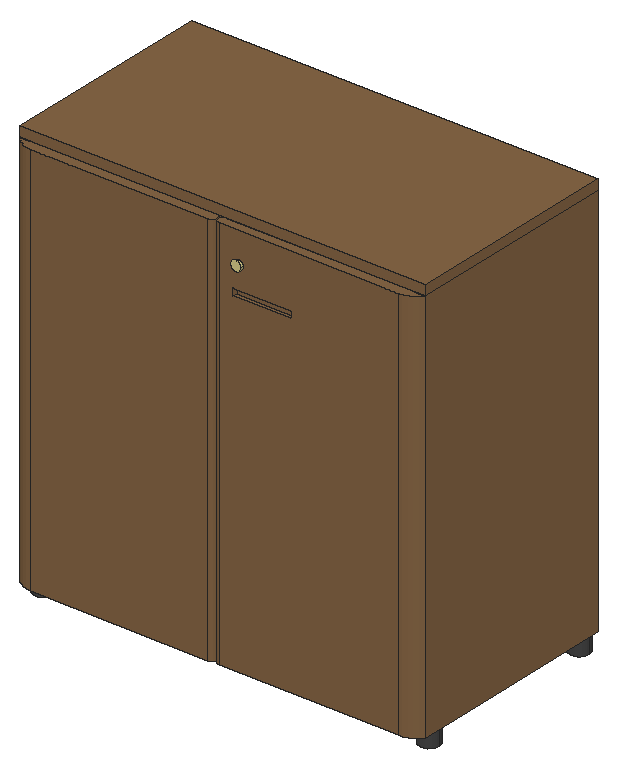
Revit family
Parameters
  후판두께 = 20 mm
  폭 = 800 mm
  측판두께 = 20 mm
  상판두께 = 20 mm
  밑판두께 = 20 mm
  문 두께 [instance] = 45.382 mm
  높이 = 800 mm
  깊이 = 425 mm
  Assembly Code = ""
Reference planes
  plane 1 "Center (Front/Back)": y = 0
  plane 2: z = 0
  plane 3 "Center (Left/Right)": x = 0
  plane 4 "left": x = -400
  plane 5 "right": x = 400
  plane 6 "back": y = 212.5
  plane 7 "Top": z = 800
  plane 8 "front": y = -212.5
Forms (mm)
  Extrusion 1, solid, material "panel"
    sketch origin (0, 0, 0) x (1, 0, 0) y (0, 1, 0)
      loop
        line (-400, 212.5) -> (-400, -212.5) -> (-380, -212.5) -> (-380, 212.5) -> (-400, 212.5)
      loop
        line (380, 212.5) -> (380, -212.5) -> (400, -212.5) -> (400, 212.5) -> (380, 212.5)
    from 0 to 780
  Extrusion 2, solid, material "panel"
    sketch origin (0, 0, 0) x (1, 0, 0) y (0, 1, 0)
      loop
        line (-380, 212.5) -> (-380, 192.5) -> (380, 192.5) -> (380, 212.5) -> (-380, 212.5)
    from 0 to 780
  Extrusion 3, solid
    sketch origin (0, 0, 0) x (1, 0, 0) y (0, 1, 0)
      loop
        line (-380, -212.5) -> (380, -212.5) -> (380, 192.5) -> (-380, 192.5) -> (-380, -212.5)
    from 0 to 20
  Extrusion 4, solid, material "panel"
    sketch origin (0, 0, 0) x (1, 0, 0) y (0, 1, 0)
      loop
        line (-400, 212.5) -> (-400, -212.5) -> (400, -212.5) -> (400, 212.5) -> (-400, 212.5)
    from 780 to 800
  Extrusion 5, solid, material "panel"
    sketch origin (-7.971, 1.25, 0) x (1, 0, 0) y (0, 1, 0)
      loop
        arc (-391.942, -213.75) -> (-375.439, -228.311) -> (-354.066, -233.563) r 46.109
        line (-354.066, -233.563) -> (-4.574, -233.563)
        arc (-4.574, -233.563) -> (5.332, -223.657) -> (-4.574, -213.75) r 9.907
        line (-4.574, -213.75) -> (-391.942, -213.75)
      loop
        arc (16.795, -213.357) -> (7.013, -223.139) -> (16.795, -232.921) r 9.782
        line (16.795, -232.921) -> (370.298, -232.921)
        arc (370.298, -232.921) -> (391.479, -227.737) -> (407.871, -213.357) r 45.863
        line (407.871, -213.357) -> (16.795, -213.357)
    from 0 to 780
  Extrusion 6, void
    sketch origin (0, -212.5, 0) x (-1, 0, 0) y (0, 0, 1)
      loop
        line (-36.031, 675.629) -> (-151.031, 675.629) -> (-151.031, 660.629) -> (-36.031, 660.629) -> (-36.031, 675.629)
    from -20 to -10
  Extrusion 7, solid, material "key"
    sketch origin (0, -212.5, 0) x (-1, 0, 0) y (0, 0, 1)
      loop
        circle (-44.942, 719.4) r 10
    from -23 to -15
  Extrusion 8, solid, material "wheel"
    sketch origin (0, 0, 0) x (1, 0, 0) y (0, 1, 0)
      loop
        circle (-380, -177.886) r 20
      loop
        circle (380, -177.886) r 20
      loop
        circle (-380, 192.114) r 20
      loop
        circle (380, 192.114) r 20
    from 0 to -30
Cuts and joins
  Extrusion 6 cuts Extrusion 5
Dimensions and locks
  "폭": plane 4 "left" to plane 5 "right"
  equal spacing: plane 4 "left", plane 3 "Center (Left/Right)", plane 5 "right"
  plane 6 "back" to plane 1 "Center (Front/Back)" = 212.5 mm
  "높이": plane 7 "Top" to level
  "측판두께": Extrusion 1 sketch curve to Extrusion 1 sketch curve  (x2)
  "후판두께": Extrusion 2 to Extrusion 2
  "밑판두께": Extrusion 3 to Extrusion 3
  "상판두께": Extrusion 4 to Extrusion 4
  aligned and locked: Extrusion 1 sketch curve to plane 6 "back"  (x2)
  aligned and locked: plane 4 "left" to Extrusion 1 sketch curve
  aligned and locked: Extrusion 1 sketch curve to plane 5 "right"
  aligned and locked: Extrusion 2 sketch curve to plane 6 "back"
  aligned and locked: Extrusion 2 sketch curve to Extrusion 1
  aligned and locked: Extrusion 1 to Extrusion 2 sketch curve
  aligned and locked: Extrusion 2 to level
  aligned and locked: Extrusion 1 to level
  aligned and locked: Extrusion 3 sketch curve to Extrusion 1
  aligned and locked: Extrusion 1 to Extrusion 3 sketch curve
  aligned and locked: Extrusion 2 to Extrusion 3 sketch curve
  aligned and locked: Extrusion 3 sketch curve to Extrusion 2
  aligned and locked: Extrusion 3 to level
  aligned and locked: Extrusion 4 sketch curve to Extrusion 1  (x3)
  aligned and locked: Extrusion 1 to Extrusion 4 sketch curve
  aligned and locked: plane 7 "Top" to Extrusion 4
  aligned and locked: plane 5 "right" to Extrusion 4
  aligned and locked: Extrusion 4 to plane 4 "left"
  aligned and locked: Extrusion 1 to Extrusion 4  (x5)
  aligned and locked: Extrusion 1 to Extrusion 2
  aligned and locked: Extrusion 1 to Extrusion 5
  aligned and locked: Extrusion 5 to Extrusion 3
  aligned and locked: Extrusion 4 to Extrusion 2
  aligned and locked: Extrusion 4 to Extrusion 1
  aligned and locked: cut or joined group of Extrusion 5, Extrusion 6 to Extrusion 3
  aligned and locked: Extrusion 8 to cut or joined group of Extrusion 5, Extrusion 6
  aligned and locked: Extrusion 8 to Extrusion 2
  aligned and locked: Extrusion 3 to Extrusion 2
Automatic sketch dimensions
  Extrusion 2 sketch curve to plane 6 "back" = 20 mm
  plane 4 "left" to Extrusion 5 sketch curve = 0.087 mm
  plane 4 "left" to Extrusion 5 sketch curve = 37.962 mm
  Extrusion 5 sketch curve to plane 3 "Center (Left/Right)" = 12.546 mm
  plane 3 "Center (Left/Right)" to Extrusion 5 sketch curve = 8.824 mm
  Extrusion 5 sketch curve to plane 5 "right" = 37.674 mm
  Extrusion 5 sketch curve to plane 5 "right" = 0.1 mm
  plane 1 "Center (Front/Back)" to Extrusion 1 sketch curve = 212.5 mm  (x2)
  plane 1 "Center (Front/Back)" to Extrusion 5 sketch curve = 232.313 mm
  plane 1 "Center (Front/Back)" to Extrusion 5 sketch curve = 231.671 mm
  Extrusion 5 sketch curve to Extrusion 5 sketch curve = 9.907 mm
  Extrusion 5 sketch curve to Extrusion 5 sketch curve = 9.782 mm
  plane 3 "Center (Left/Right)" to Extrusion 6 sketch curve = 151.031 mm
  plane 3 "Center (Left/Right)" to Extrusion 6 sketch curve = 36.031 mm
  Extrusion 6 sketch curve to plane 7 "Top" = 139.371 mm
  Extrusion 6 sketch curve to Extrusion 6 sketch curve = 15 mm
  plane 3 "Center (Left/Right)" to Extrusion 7 sketch curve = 44.942 mm
  Extrusion 7 sketch curve to plane 7 "Top" = 80.6 mm
  plane 4 "left" to Extrusion 8 sketch curve = 20 mm  (x2)
  Extrusion 8 sketch curve to plane 5 "right" = 20 mm  (x2)
  plane 8 "front" to Extrusion 8 sketch curve = 34.614 mm  (x2)
  Extrusion 8 sketch curve to plane 6 "back" = 20.386 mm  (x2)
  radius of Extrusion 7 sketch curve = 10 mm
  radius of Extrusion 8 sketch curve = 20 mm  (x4)
